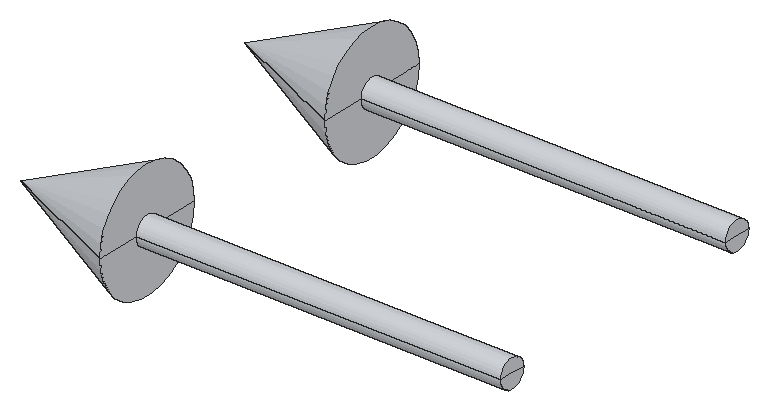
Revit family "NLRS_57_AIR_UN_airflow-arrow-open-end-rectangular-duct-out_sacs", category Air Terminals, Revit 2021
Family settings
  Round Connector Dimension = Use Diameter
  Part Type = Normal
  Work Plane-Based = No
  Always vertical = Yes
  Cut with Voids When Loaded = No
  Shared = No
  Room Calculation Point = No
Parameters (values of type "Size 2")
  URL = "https://solid-air.nl/bim/"
  Size_multiplier = 2
  SACS_Show_Part_2 [instance] = not(SACS_Show_Part_1)  # yes
  SACS_Show_Part_1 [instance] = SACS_Array_Count = 1  # no
  SACS_Offset2 [instance] = SACS_Offset1 * 2  # 200 mm
  SACS_Offset1 [instance] = (NLRS_M_c01_breedte / SACS_Checked_Array_Count) / 2  # 100 mm
  SACS_Checked_Array_Count [instance] = if(SACS_Array_Count < 2, 2, SACS_Array_Count)  # 2
  SACS_Array_Count [instance] = NLRS_M_c01_breedte / (100 mm * Size_multiplier)  # 2
  NLRS_M_c01_hoogte [instance] = 200 mm
  NLRS_M_c01_debiet [instance] = 0.0 L/s
  NLRS_M_c01_breedte [instance] = 400 mm
  NLRS_C_model = "Airflow arrow - duct OUT"  # constant formula
  NLRS_C_description = "Round open end, airflow duct OUT"  # constant formula
  NLRS_C_content_versie = "1.21.01"  # constant formula
  NLRS_C_content_provider = "Solid Air Climate Systems"  # constant formula
  NLRS_C_content_datum_uitgifte = "28-05-2024"  # constant formula
  NLRS_C_content_creator = "J. Feeke"  # constant formula
  Model = "Airflow arrow - duct OUT"  # constant formula
  Manufacturer = "Solid Air Climate Systems"  # constant formula
  IfcExportType = "OPEN END"  # constant formula
  IfcExportAs = "IfcAirTerminal"  # constant formula
  IfcDescription = Description  # "Rectangular open end, airflow duct OUT"
  Description = "Rectangular open end, airflow duct OUT"  # constant formula
  Default Elevation = 0 mm
  Assembly Code = "57.00"
Types (4, lengths in mm): name | Size_multiplier | SACS_Offset2 | SACS_Offset1 | SACS_Checked_Array_Count | SACS_Array_Count
  (no name) | 2 | 200 | 100 | 2 | 2
  Size 1 | 1 | 100 | 50 | 4 | 4
  Size 1.5 | 1.5 | 133.333 | 66.667 | 3 | 3
  Size 2 | 2 | 200 | 100 | 2 | 2
Reference planes
  plane 1 "Center (Front/Back)": y = 0
  plane 2: z = 0
  plane 3 "Center (Left/Right)": x = 0
  plane 4: y = -200
  plane 5: y = 200
  plane 6: y = -100
  plane 7: y = 100
Forms (mm)
  Extrusion 1, solid, not visible
    sketch origin (0, 0, 0) x (0, 1, 0) y (0, 0, 1)
      loop
        circle (0, 0) r 1
    from 0 to -1
  Extrusion 2, solid, material "SACS_Label", not visible
    sketch origin (-547.644, -297.937, 0) x (1, 0, 0) y (0, 1, 0)
      loop
        arc (542.644, 302.937) -> (537.644, 297.937) -> (542.644, 292.937) r 5
        line (542.644, 292.937) -> (542.644, 297.937) -> (547.644, 292.937) -> (547.644, 297.937) -> (542.644, 302.937)
    from 0 to 2
  Extrusion 3, solid, material "SACS_Label", not visible
    sketch origin (0, 0, 0) x (1, 0, 0) y (0, 1, 0)
      loop
        arc (5, -5) -> (10, 0) -> (5, 5) r 5
        line (5, 5) -> (5, 0) -> (0, 5) -> (0, 0) -> (5, -5)
    from 0 to 2
Dimensions and locks
  equal spacing: plane 5, plane 1 "Center (Front/Back)", plane 4
  "NLRS_M_c01_breedte": plane 5 to plane 4
  "SACS_Offset1": plane 6 to plane 4
  group 1 to group 2 = 0 mm  (x2)
  group 1 to group 2 = 200 mm
  "SACS_Offset2": plane 7 to plane 6
  aligned and locked: level to plane 2
  aligned and locked: Extrusion 1 to plane 3 "Center (Left/Right)"
  aligned and locked: level to nested 2
  aligned and locked: plane 3 "Center (Left/Right)" to nested 3
  aligned and locked: plane 1 "Center (Front/Back)" to nested 3
  aligned and locked: plane 3 "Center (Left/Right)" to nested 2
Automatic sketch dimensions
  Extrusion 1 sketch curve to level = 0 mm
  Extrusion 1 sketch curve to plane 1 "Center (Front/Back)" = 0 mm
  plane 1 "Center (Front/Back)" to Extrusion 2 sketch curve = 0 mm  (x3)
  Extrusion 2 sketch curve to plane 3 "Center (Left/Right)" = 0 mm
  Extrusion 2 sketch curve to plane 3 "Center (Left/Right)" = 5 mm
  Extrusion 2 sketch curve to Extrusion 2 sketch curve = 5 mm
  Extrusion 2 sketch curve to Extrusion 2 sketch curve = 0 mm
  plane 1 "Center (Front/Back)" to Extrusion 3 sketch curve = 0 mm  (x3)
  Extrusion 3 sketch curve to plane 3 "Center (Left/Right)" = 0 mm
  Extrusion 3 sketch curve to Extrusion 3 sketch curve = 5 mm  (x2)
  Extrusion 3 sketch curve to plane 1 "Center (Front/Back)" = 5 mm
  radius of Extrusion 1 sketch curve = 1 mm
Nested families
  nested 1: "Arrow_out" at (0, 0, 0), visible <- "SACS_Show_Part_1", type "Arrow_out"
  nested 2: "Arrow_out" at (0, 0, 0) x (1, 0, 0) z (0, -1, 0), type "Arrow_out"
  nested 3: "arrow_3d_out" at (0, 0, 0), visible <- "SACS_Show_Part_1", type "arrow_3d_out", detail levels medium+fine
  nested 4: "Arrow_out" at (0, -100, 0), visible <- "SACS_Show_Part_2", type "Arrow_out"
  nested 5: "arrow_3d_out" at (0, -100, 0), visible <- "SACS_Show_Part_2", type "arrow_3d_out", detail levels medium+fine
  nested 6: "Arrow_out" at (0, 100, 0), visible <- "SACS_Show_Part_2", type "Arrow_out"
  nested 7: "arrow_3d_out" at (0, 100, 0), visible <- "SACS_Show_Part_2", type "arrow_3d_out", detail levels medium+fine
Connectors
  hvac at (0, 0, 0), driven by "NLRS_M_c01_breedte", driven by "NLRS_M_c01_debiet", driven by "NLRS_M_c01_hoogte", driven by "NLRS_M_c01_breedte"
    settings: on Extrusion 1, index 1, duct flow 0.0 L/s, flow factor 0, pres drop 0.0 Pa, loss coef 0, conn angle 0.00°, conn width 400 mm, conn height 200 mm, conn diameter 400 mm, duct sys type 29, conn prof type 1, flow config 1, flow direction 1, loss method 4, conn ref index -1, conn util no, is conn primary yes, conn desc ""
Definition of nested family "arrow_3d_out"
  Parameters (values of type "arrow_3d_out")
    size_multiplier = 2
    dummy = 1  # constant formula
    Tail_Width = size_multiplier * 5 mm * dummy  # 10 mm
    Tail_Start = size_multiplier * 25 mm * dummy  # 50 mm
    Tail_End = size_multiplier * 130 mm * dummy  # 260 mm
    Head_Width = size_multiplier * 21 mm * dummy  # 42 mm
    Head_End = size_multiplier * 45 mm * dummy  # 90 mm
    Default Elevation = 0 mm
  Reference planes
    plane 1 "Center (Front/Back)": y = 0
    plane 2: z = 0
    plane 3 "Center (Left/Right)": x = 0
    plane 4: y = -42
    plane 5: y = -10
    plane 6: x = -50
    plane 7: x = -310
    plane 8: x = -400
  Forms (mm)
    Extrusion 1, solid, not visible
      sketch origin (0, 0, 0) x (0, 1, 0) y (0, 0, 1)
        loop
          circle (0, 0) r 1
      from 0 to -1
    Extrusion 2, solid, not visible
      sketch origin (-547.644, -297.937, 0) x (1, 0, 0) y (0, 1, 0)
        loop
          arc (542.644, 302.937) -> (537.644, 297.937) -> (542.644, 292.937) r 5
          line (542.644, 292.937) -> (542.644, 297.937) -> (547.644, 292.937) -> (547.644, 297.937) -> (542.644, 302.937)
      from 0 to 2
    Extrusion 3, solid, not visible
      sketch origin (0, 0, 0) x (1, 0, 0) y (0, 1, 0)
        loop
          arc (5, -5) -> (10, 0) -> (5, 5) r 5
          line (5, 5) -> (5, 0) -> (0, 5) -> (0, 0) -> (5, -5)
      from 0 to 2
    Revolve 4, solid
      sketch origin (0, 0, 0) x (1, 0, 0) y (0, 1, 0)
        loop
          line (-50, 0) -> (-400, 0) -> (-310, -42) -> (-310, -10) -> (-50, -10) -> (-50, 0)
        axis (-50, 0) -> (-400, 0)
      angle from 0 to 360
  Dimensions and locks
    "Tail_Width": plane 5 to plane 1 "Center (Front/Back)"
    "Head_Width": plane 4 to plane 1 "Center (Front/Back)"
    Extrusion 3 sketch curve to plane 1 "Center (Front/Back)" = 5 mm
    Extrusion 2 sketch curve to plane 1 "Center (Front/Back)" = 5 mm  (x2)
    "Tail_Start": plane 6 to plane 3 "Center (Left/Right)"
    "Tail_End": plane 7 to plane 6
    "Head_End": plane 8 to plane 7
    radius of Extrusion 3 sketch curve = 5 mm
    radius of Extrusion 2 sketch curve = 5 mm
    aligned and locked: level to plane 2
    aligned and locked: Extrusion 1 to plane 3 "Center (Left/Right)"
    aligned and locked: plane 8 to Revolve 4 sketch curve  (x2)
    aligned and locked: Revolve 4 sketch curve to plane 1 "Center (Front/Back)"  (x2)
    aligned and locked: Revolve 4 sketch curve to plane 5
    aligned and locked: plane 7 to Revolve 4 sketch curve
    aligned and locked: plane 4 to Revolve 4 sketch curve
    aligned and locked: plane 6 to Revolve 4 sketch curve  (x2)
  Automatic sketch dimensions
    Extrusion 1 sketch curve to level = 0 mm
    Extrusion 1 sketch curve to plane 1 "Center (Front/Back)" = 0 mm
    plane 1 "Center (Front/Back)" to Extrusion 2 sketch curve = 0 mm  (x2)
    Extrusion 2 sketch curve to plane 3 "Center (Left/Right)" = 0 mm
    Extrusion 2 sketch curve to plane 3 "Center (Left/Right)" = 5 mm
    plane 1 "Center (Front/Back)" to Extrusion 3 sketch curve = 0 mm  (x2)
    Extrusion 3 sketch curve to plane 3 "Center (Left/Right)" = 0 mm
    Extrusion 3 sketch curve to Extrusion 3 sketch curve = 5 mm
    Extrusion 3 sketch curve to plane 1 "Center (Front/Back)" = 5 mm
    radius of Extrusion 1 sketch curve = 1 mm
Definition of nested family "Arrow_out"
  Parameters (values of type "Arrow_out")
    size_multiplier = 1
    dummy = 1  # constant formula
    Tail_End = size_multiplier * 130 mm * dummy  # 130 mm
    Head_Width = size_multiplier * 21 mm * dummy  # 21 mm
    Tail_Start = size_multiplier * 25 mm * dummy  # 25 mm
    Head_End = size_multiplier * 45 mm * dummy  # 45 mm
  Reference planes
    plane 1 "Center (Front/Back)": y = 0
    plane 2: z = 0
    plane 3 "Center (Left/Right)": x = 0
    plane 4: y = 21
    plane 5: y = -21
    plane 6: x = -25
    plane 7: x = -155
    plane 8: x = -200
  Lines and regions (mm)
    Filled region 1, type "Solid Fill - Black", in view "Ref. Level"
      outline origin (-225, 0, 0) x (0, -1, 0) y (1, 0, 0)
        loop
          line (0, 25) -> (21, 70) -> (-21, 70) -> (0, 25)
    detail lines, in view "Ref. Level"
      curve 1: line (-25, 0, 0) -> (-155, 0, 0)
  Dimensions and locks
    "Head_Width": plane 4 to plane 1 "Center (Front/Back)" to plane 5
    "Tail_Start": plane 6 to plane 3 "Center (Left/Right)"
    "Tail_End": plane 7 to plane 6
    "Head_End": plane 8 to plane 7
    aligned and locked: plane 7 to curve 1
    aligned and locked: Filled region 1 to plane 7
    aligned and locked: plane 7 to Filled region 1 sketch curve
    aligned and locked: plane 1 "Center (Front/Back)" to curve 1
    aligned and locked: plane 1 "Center (Front/Back)" to Filled region 1 sketch curve
    aligned and locked: plane 5 to Filled region 1 sketch curve
    aligned and locked: plane 4 to Filled region 1 sketch curve
    aligned and locked: plane 8 to Filled region 1 sketch curve
    aligned and locked: plane 6 to curve 1
